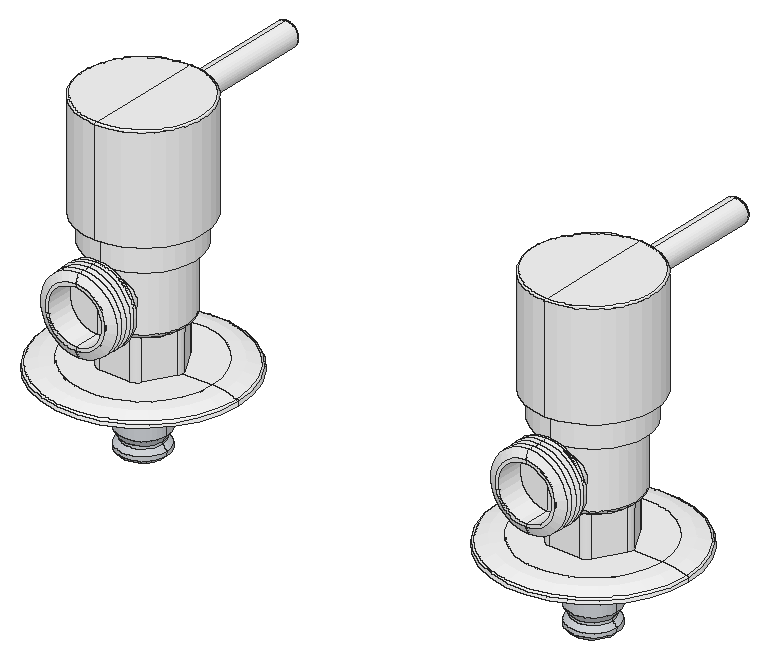
Revit family "Reece_Tap_Sussex_Scala_Washing Machine Stop", category Plumbing Fixtures, host Face, Revit 2018
Family settings
  Host = Face
  Round Connector Dimension = Use Diameter
  Part Type = Normal
  Cut with Voids When Loaded = No
  Shared = Yes
  Room Calculation Point = Yes
Parameters (values of type "Chrome")
  Waste Connection = no
  WFU = 0  # constant formula
  Vent Connection = no
  URL = "https://www.reece.com.au/product/-2261429"
  Type Comments = "Tap"
  Reece_Tap_Projection = 82 mm  # constant formula
  Reece_Tap_Handle_Length = 80 mm  # constant formula
  Reece_Tap_Outlet = 20 mm  # constant formula
  Reece_Tap_Inlet = 12.5 mm  # constant formula
  Reece_Tap_Handle_Spacing [instance] = if(Reece_Tap_Axis Distance < 35 mm, 35 mm, if(Reece_Tap_Axis Distance > 35 mm, Reece_Tap_Axis Distance, Reece_Tap_Axis Distance))  # 75 mm
  Reece_Tap_Axis Distance [instance] = 75 mm
  Reece_Product_Web Page = "https://www.reece.com.au/product/-2261429"
  Reece_Product_Type = "Tap"  # constant formula
  Reece_Product_Sub Brand = "Scala"  # constant formula
  Reece_Product_Number = "2261429"
  Reece_Product_Mount = "Wall Mounted"
  Reece_Product_Description = "Sussex Scala Washing Machine Stops Chrome"
  Reece_Product_Brand = "Sussex"  # constant formula
  Reece_Overall_Diameter = 64 mm  # constant formula
  Reece_Material_Main = Reece_Brass_Chrome
  Reece_Detail_Type = "Washing Machine Stop"  # constant formula
  Reece_Detail_Installation = ""
  Reece_Detail_Disclaimer = "THIS FILE IS THE PROPERTY OF THE REECE GROUP. IT MAY NOT BE REPRODUCED, REVERSE-ENGINEERED OR MODIFIED. ANY REPUBLICATION, TRANSMISSION OR DISTRIBUTION FOR THE PURPOSE OF COMMERCIALLY EXPLOITING THE FILES IS PROHIBITED."  # constant formula
  Reece_Detail_Connector = ""
  Model = "Scala"
  Manufacturer = "Sussex"
  Keynote = "Product #2261429, Reece_Tap_Sussex_Scala_Washing Machine Stop - Chrome"
  HWFU = 0  # constant formula
  HW Connection = no
  Disclaimer = "THIS FILE IS THE PROPERTY OF THE REECE GROUP. IT MAY NOT BE REPRODUCED, REVERSE-ENGINEERED OR MODIFIED. ANY REPUBLICATION, TRANSMISSION OR DISTRIBUTION FOR THE PURPOSE OF COMMERCIALLY EXPLOITING THE FILES IS PROHIBITED."  # constant formula
  Description = "Scala Washing Machine Stops Chrome"
  Default Elevation = 0 mm
  Cost = 0
  CWFU = 0  # constant formula
  CW Connection = no
  Assembly Code = ""
Types (3, lengths in mm): name | URL | Reece_Product_Web Page | Reece_Product_Number | Reece_Product_Description | Reece_Material_Main | Keynote | Description
  Chrome | "https://www.reece.com.au/product/-2261429" | "https://www.reece.com.au/product/-2261429" | "2261429" | "Sussex Scala Washing Machine Stops Chrome" | Reece_Brass_Chrome | "Product #2261429, Reece_Tap_Sussex_Scala_Washing Machine Stop - Chrome" | "Scala Washing Machine Stops Chrome"
  PVD Brushed Platinum Gold | "https://www.reece.com.au/product/-2268306" | "https://www.reece.com.au/product/-2268306" | "2268306" | "Sussex Scala Washing Machine Stops LUX PVD Brushed Platinum Gold" | Reece_PVD_Brushed_Platinum Gold | "Product #2268306, Reece_Tap_Sussex_Scala_Washing Machine Stop - PVD Brushed Platinum Gold" | "Scala Washing Machine Stops LUX PVD Brushed Platinum Gold"
  Satin Chrome | "https://www.reece.com.au/product/-2261665" | "https://www.reece.com.au/product/-2261665" | "2261665" | "Sussex Scala Washing Machine Stops Satin Chrome" | Reece_Brass_Satin Chrome | "Product #2261665, Reece_Tap_Sussex_Scala_Washing Machine Stop - Satin Chrome" | "Scala Washing Machine Stops Satin Chrome"
Reference planes
  plane 1 "Center (Front/Back)": y = 0
  plane 2 "Bottom": z = 0
  plane 3 "Center (Left/Right)": x = 0
  plane 4: z = 82
  plane 5: z = 3
  plane 6: x = -75
  plane 7: x = 75
  plane 8: x = -107
  plane 9: x = -43
  plane 10: y = -20
  plane 11: y = 60
Forms (mm)
  Extrusion 1, void
    sketch origin (0, 0, 0) x (1, 0, 0) y (0, 1, 0)
      loop
        circle (-75, 0) r 20.309
      loop
        circle (75, 0) r 20
    from 0 to -26.226
  Revolve 2, solid
    sketch origin (-45.429, 0, -7.825) x (1, 0, 0) y (0, 0, 1)
      loop
        line (-29.571, 7.825) -> (-40.893, 7.825) -> (-39.732, 7.013) -> (-40.669, 6.356) -> (-39.732, 5.699) -> (-40.669, 5.043) -> (-39.732, 4.386) -> (-40.669, 3.73) -> (-39.732, 3.073) -> (-40.605, 2.461) -> (-39.465, 1.663) -> (-40.669, 0.82) -> (-39.732, 0.163) -> (-40.605, -0.449) -> (-37.524, -2.607) -> (-37.524, -9.618) -> (-35.966, -11.842) -> (-35.966, -12.686) -> (-37.524, -14.243) -> (-37.524, -15.579) -> (-36.427, -16.676) -> (-29.571, -16.676) -> (-29.571, 7.825)
      axis (-29.571, 7.825) -> (-29.571, -16.676)
    angle from 0 to 360
  Revolve 3, solid
    sketch origin (84.571, 0, -7.825) x (1, 0, 0) y (0, 0, 1)
      loop
        line (-9.571, 7.825) -> (-20.893, 7.825) -> (-19.732, 7.013) -> (-20.669, 6.356) -> (-19.732, 5.699) -> (-20.669, 5.043) -> (-19.732, 4.386) -> (-20.669, 3.73) -> (-19.732, 3.073) -> (-20.605, 2.461) -> (-19.465, 1.663) -> (-20.669, 0.82) -> (-19.732, 0.163) -> (-20.605, -0.449) -> (-17.524, -2.607) -> (-17.524, -9.618) -> (-15.966, -11.842) -> (-15.966, -12.686) -> (-17.524, -14.243) -> (-17.524, -15.579) -> (-16.427, -16.676) -> (-9.571, -16.676) -> (-9.571, 7.825)
      axis (-9.571, 7.825) -> (-9.571, -16.676)
    angle from 0 to 360
Text (mm)
  text "Reece Copyright © 2018, Reece Ltd." at (-169.864, -190.533, 0), in view "Ref. Level"
  text "Reece ©" at (44.384, 258.95, 192.345), in view "Reece Preview"
Dimensions and locks
  plane 5 to plane 2 "Bottom" = 3 mm  (x3)
  "Reece_Tap_Projection": plane 4 to level
  plane 4 to plane 2 "Bottom" = 82 mm
  equal spacing: plane 6, plane 3 "Center (Left/Right)", plane 7
  "Reece_Tap_Handle_Spacing": plane 6 to plane 3 "Center (Left/Right)" to plane 7
  equal spacing: plane 8, plane 6, plane 9
  "Reece_Overall_Diameter": plane 8 to plane 9
  nested 1 to nested 1 = 40 mm
  nested 2 to nested 2 = 40 mm
  "Reece_Tap_Handle_Length": plane 11 to plane 10
  aligned and locked: plane 2 "Bottom" to host face
  aligned and locked: level to host face
  aligned and locked: nested 1 to plane 6
  aligned and locked: plane 7 to nested 2
Automatic sketch dimensions
  host sketch curve to host sketch curve = 380.785 mm
  host sketch curve to host sketch curve = 317.421 mm
  plane 1 "Center (Front/Back)" to Extrusion 1 sketch curve = 0 mm  (x2)
  Extrusion 1 sketch curve to plane 6 = 0 mm
  Extrusion 1 sketch curve to plane 7 = 0 mm
  Revolve 2 sketch curve to level = 0 mm
  plane 6 to Revolve 2 sketch curve = 0 mm  (x2)
  plane 6 to Revolve 2 sketch curve = 6.395 mm
  Revolve 2 sketch curve to Revolve 2 sketch curve = 0.46 mm
  Revolve 2 sketch curve to Revolve 2 sketch curve = 1.557 mm  (x3)
  Revolve 2 sketch curve to Revolve 2 sketch curve = 1.942 mm
  Revolve 2 sketch curve to level = 2.126 mm
  Revolve 2 sketch curve to Revolve 2 sketch curve = 0.267 mm  (x2)
  Revolve 2 sketch curve to level = 3.439 mm
  Revolve 2 sketch curve to Revolve 2 sketch curve = 0 mm  (x3)
  Revolve 2 sketch curve to level = 0.813 mm
  Revolve 2 sketch curve to level = 4.752 mm
  Revolve 2 sketch curve to Revolve 2 sketch curve = 0.874 mm  (x2)
  Revolve 2 sketch curve to level = 5.364 mm
  Revolve 2 sketch curve to level = 2.783 mm
  Revolve 2 sketch curve to Revolve 2 sketch curve = 0.938 mm  (x4)
  Revolve 2 sketch curve to level = 1.469 mm
  Revolve 2 sketch curve to level = 4.096 mm
  Revolve 2 sketch curve to Revolve 2 sketch curve = 1.161 mm
  Revolve 2 sketch curve to Revolve 2 sketch curve = 0.798 mm
  Revolve 2 sketch curve to Revolve 2 sketch curve = 0.843 mm
  Revolve 2 sketch curve to Revolve 2 sketch curve = 0.657 mm
  Revolve 2 sketch curve to Revolve 2 sketch curve = 0.612 mm
  Revolve 2 sketch curve to Revolve 2 sketch curve = 2.77 mm
  Revolve 2 sketch curve to Revolve 2 sketch curve = 7.012 mm
  Revolve 2 sketch curve to Revolve 2 sketch curve = 2.224 mm
  Revolve 2 sketch curve to Revolve 2 sketch curve = 0.844 mm
  Revolve 2 sketch curve to Revolve 2 sketch curve = 1.336 mm
  Revolve 2 sketch curve to Revolve 2 sketch curve = 1.097 mm
  Revolve 2 sketch curve to Revolve 2 sketch curve = 2.609 mm
  Revolve 2 sketch curve to level = 2.001 mm
  Revolve 3 sketch curve to level = 0 mm
  Revolve 3 sketch curve to plane 7 = 0 mm  (x2)
  Revolve 3 sketch curve to plane 7 = 6.395 mm
  Revolve 3 sketch curve to Revolve 3 sketch curve = 0.46 mm
  Revolve 3 sketch curve to Revolve 3 sketch curve = 1.557 mm  (x3)
  Revolve 3 sketch curve to Revolve 3 sketch curve = 1.942 mm
  Revolve 3 sketch curve to level = 2.126 mm
  Revolve 3 sketch curve to Revolve 3 sketch curve = 0.267 mm  (x2)
  Revolve 3 sketch curve to level = 3.439 mm
  Revolve 3 sketch curve to Revolve 3 sketch curve = 0 mm  (x3)
  Revolve 3 sketch curve to level = 0.813 mm
  Revolve 3 sketch curve to level = 4.752 mm
  Revolve 3 sketch curve to Revolve 3 sketch curve = 0.874 mm  (x2)
  Revolve 3 sketch curve to level = 5.364 mm
  Revolve 3 sketch curve to level = 2.783 mm
  Revolve 3 sketch curve to Revolve 3 sketch curve = 0.938 mm  (x4)
  Revolve 3 sketch curve to level = 1.469 mm
  Revolve 3 sketch curve to level = 4.096 mm
  Revolve 3 sketch curve to Revolve 3 sketch curve = 1.161 mm
  Revolve 3 sketch curve to Revolve 3 sketch curve = 0.798 mm
  Revolve 3 sketch curve to Revolve 3 sketch curve = 0.843 mm
  Revolve 3 sketch curve to Revolve 3 sketch curve = 0.657 mm
  Revolve 3 sketch curve to Revolve 3 sketch curve = 0.612 mm
  Revolve 3 sketch curve to Revolve 3 sketch curve = 2.77 mm
  Revolve 3 sketch curve to Revolve 3 sketch curve = 7.012 mm
  Revolve 3 sketch curve to Revolve 3 sketch curve = 2.224 mm
  Revolve 3 sketch curve to Revolve 3 sketch curve = 0.844 mm
  Revolve 3 sketch curve to Revolve 3 sketch curve = 1.336 mm
  Revolve 3 sketch curve to Revolve 3 sketch curve = 1.097 mm
  Revolve 3 sketch curve to Revolve 3 sketch curve = 2.609 mm
  Revolve 3 sketch curve to level = 2.001 mm
  radius of Extrusion 1 sketch curve = 20.309 mm
  radius of Extrusion 1 sketch curve = 20 mm
Nested families
  nested 1: "Reece_Tap_Sussex_Scala_Washing Machine Stop_Nested" at (-75, 0, 0), Reece_Material_Main <- "Reece_Material_Main", type "Reece_Tap_Sussex_Scala_Washing Machine Stop_Nested"
    with Reece_Material_Main Reece_Brass_Chrome
  nested 2: "Reece_Tap_Sussex_Scala_Washing Machine Stop_Nested" at (75, 0, 0), Reece_Material_Main <- "Reece_Material_Main", type "Reece_Tap_Sussex_Scala_Washing Machine Stop_Nested"
    with Reece_Material_Main Reece_Brass_Chrome
Connectors
  piping at (-75, -28.235, 27.617), diameter 20, driven by "Reece_Tap_Outlet"
    settings: on nested 1, index 1, connector inside diameter 609.6 mm, connector length 0 mm, flow factor 0, pipe flow 0.0 L/s, pressure drop 0.0 Pa, fitting loss kfactor 0, connector angle 0.00°, fixture units 0, engagement length 0 mm, angle of deflection 0.00°, flow configuration 0, flow direction 2, fitting loss method 0, system type 29, joint type 0, gender type 0, connector reference index -1, connector utility 0, adjustable connector no, is connector primary yes, connector description ""
  piping at (75, -28.235, 27.617), diameter 20, driven by "Reece_Tap_Outlet"
    settings: on nested 2, index 2, connector inside diameter 609.6 mm, connector length 0 mm, flow factor 0, pipe flow 0.0 L/s, pressure drop 0.0 Pa, fitting loss kfactor 0, connector angle 0.00°, fixture units 0, engagement length 0 mm, angle of deflection 0.00°, flow configuration 0, flow direction 2, fitting loss method 0, system type 29, joint type 0, gender type 0, connector reference index -1, connector utility 0, adjustable connector no, is connector primary no, connector description ""
  piping at (75, 0, -24.501), diameter 12.5, driven by "Reece_Tap_Inlet"
    settings: on Revolve 3, index 3, connector inside diameter 609.6 mm, connector length 0 mm, flow factor 0, pipe flow 0.0 L/s, pressure drop 0.0 Pa, fitting loss kfactor 0, connector angle 0.00°, fixture units 0, engagement length 0 mm, angle of deflection 0.00°, flow configuration 0, flow direction 1, fitting loss method 0, system type 29, joint type 0, gender type 0, connector reference index -1, connector utility 0, adjustable connector no, is connector primary no, connector description ""
  piping at (-75, 0, -24.501), diameter 12.5, driven by "Reece_Tap_Inlet"
    settings: on Revolve 2, index 4, connector inside diameter 609.6 mm, connector length 0 mm, flow factor 0, pipe flow 0.0 L/s, pressure drop 0.0 Pa, fitting loss kfactor 0, connector angle 0.00°, fixture units 0, engagement length 0 mm, angle of deflection 0.00°, flow configuration 0, flow direction 1, fitting loss method 0, system type 29, joint type 0, gender type 0, connector reference index -1, connector utility 0, adjustable connector no, is connector primary no, connector description ""
Definition of nested family "Reece_Tap_Sussex_Scala_Washing Machine Stop_Nested"
  Parameters (values of type "Reece_Tap_Sussex_Scala_Washing Machine Stop_Nested")
    Waste Connection = no
    WFU = 0
    Vent Connection = no
    URL = ""
    Type Comments = ""
    Reece_Material_Main [instance] = none
    Model = ""
    Manufacturer = ""
    Keynote = ""
    HWFU = 0
    HW Connection = no
    Description = ""
    Default Elevation = 0 mm
    Cost = 0
    CWFU = 0
    CW Connection = no
    Assembly Code = ""
  Reference planes
    plane 1 "Center (Front/Back)": y = 0
    plane 2 "Bottom": z = 0
    plane 3 "Center (Left/Right)": x = 0
    plane 4: y = -32
    plane 5: y = 32
    plane 6: y = -20
    plane 7: y = 20
    plane 8: z = 73.5
    plane 9: y = 60
    plane 10: z = 82
    plane 11: z = 3
    plane 12: x = -20
    plane 13: x = 20
    plane 14: x = -32
    plane 15: x = 32
    plane 16: x = 13.153
  Forms (mm)
    Extrusion 1, solid
      sketch origin (619.2, -619.2, 0) x (1, 0, 0) y (0, 1, 0)
        loop
          line (-809.2, 779.2) -> (-809.2, 461.779) -> (-428.415, 461.779) -> (-428.415, 779.2) -> (-809.2, 779.2)
      from 0 to -9.564
    Revolve 2, solid, material <- "Reece_Material_Main"
      sketch origin (0, 0, 0) x (0, 1, 0) y (0, 0, 1)
        loop
          line (0, 82) -> (-19.5, 82)
          arc (-19.5, 82) -> (-19.854, 81.854) -> (-20, 81.5) r 0.5
          line (-20, 81.5) -> (-20, 47) -> (-17.485, 47) -> (-17.485, 38.242) -> (-14.473, 38.242) -> (-14.473, 17.953)
          arc (-14.473, 17.953) -> (-14.313, 17.525) -> (-13.912, 17.306) r 0.653
          arc (-13.912, 17.306) -> (-13.387, 17.032) -> (-13.153, 16.488) r 0.884
          line (-13.153, 16.488) -> (0, 16.488) -> (0, 82)
        axis (0, 82) -> (0, 16.488)
      angle from 0 to 360
    Revolve 3, solid, material <- "Reece_Material_Main"
      sketch origin (0, 0, 0) x (0, -1, 0) y (0, 0, -1)
        loop
          line (0, -73.5) -> (-60, -73.5) -> (-60, -77)
          arc (-60, -77) -> (-59.854, -77.354) -> (-59.5, -77.5) r 0.5
          line (-59.5, -77.5) -> (0, -77.5) -> (0, -73.5)
        axis (0, -73.5) -> (-60, -73.5)
      angle from 0 to 360
    Revolve 4, solid, material <- "Reece_Material_Main"
      sketch origin (0, 0, 0) x (0, 1, 0) y (0, 0, 1)
        loop
          line (0, 35.35) -> (-18.235, 35.35)
          arc (-18.235, 35.35) -> (-18.49, 37.904) -> (-18.925, 40.433) r 36.076
          line (-18.925, 40.433) -> (-19.722, 40.433) -> (-20.542, 38.87) -> (-21.389, 40.485) -> (-22.198, 38.518) -> (-23.204, 40.369) -> (-24.122, 38.72) -> (-25.018, 40.369) -> (-25.967, 38.663) -> (-26.851, 40.294) -> (-28.235, 37.628) -> (-28.235, 36.564) -> (-19.435, 36.564) -> (-19.435, 27.617) -> (0, 27.617) -> (0, 35.35)
        axis (0, 27.617) -> (-28.235, 27.617)
      angle from 0 to 360
    Revolve 5, solid, material <- "Reece_Material_Main"
      sketch origin (0, 0, 0) x (1, 0, 0) y (0, 0, 1)
        loop
          line (0, 0) -> (32, 0) -> (31.714, 0.999)
          arc (31.714, 0.999) -> (31.505, 1.367) -> (31.151, 1.6) r 0.904
          arc (31.151, 1.6) -> (27.204, 2.647) -> (23.135, 3) r 23.65
          line (23.135, 3) -> (0, 3) -> (0, 0)
        axis (0, 0) -> (0, 3)
      angle from 0 to 360
    Extrusion 6, solid, material <- "Reece_Material_Main"
      sketch origin (0, 0, 0) x (0, -1, 0) y (1, 0, 0)
        loop
          line (11.806, -5.026) -> (11.806, 5.026)
          arc (11.806, 5.026) -> (11.391, 6.576) -> (10.256, 7.711) r 3.1
          line (10.256, 7.711) -> (1.55, 12.738)
          arc (1.55, 12.738) -> (0, 13.153) -> (-1.55, 12.738) r 3.1
          line (-1.55, 12.738) -> (-10.256, 7.711)
          arc (-10.256, 7.711) -> (-11.391, 6.576) -> (-11.806, 5.026) r 3.1
          line (-11.806, 5.026) -> (-11.806, -5.026)
          arc (-11.806, -5.026) -> (-11.391, -6.576) -> (-10.256, -7.711) r 3.1
          line (-10.256, -7.711) -> (-1.55, -12.738)
          arc (-1.55, -12.738) -> (0, -13.153) -> (1.55, -12.738) r 3.1
          line (1.55, -12.738) -> (10.256, -7.711)
          arc (10.256, -7.711) -> (11.391, -6.576) -> (11.806, -5.026) r 3.1
      from 3 to 16.488
  Cuts and joins
    joined: Revolve 5, Extrusion 6
    joined: Revolve 2, Revolve 3, Revolve 4
  Text (mm)
    text "Reece Copyright © 2018, Reece Ltd." at (-169.864, -190.533, 0), in view "Ref. Level"
    text "Reece ©" at (44.384, 258.95, 192.345), in view "Reece Preview"
  Dimensions and locks
    locked: plane 10 to plane 8 at 8.5
    plane 11 to plane 2 "Bottom" = 3 mm  (x3)
    plane 10 to plane 2 "Bottom" = 82 mm  (x2)
    plane 9 to plane 6 = 80 mm
    plane 12 to plane 13 = 40 mm
    plane 10 to level = 82 mm
    plane 5 to plane 4 = 64 mm  (x2)
    equal spacing: plane 5, plane 1 "Center (Front/Back)", plane 4
    plane 7 to plane 6 = 40 mm
    plane 6 to plane 9 = 80 mm
    plane 13 to plane 12 = 40 mm
    plane 4 to plane 5 = 64 mm
    plane 15 to plane 14 = 64 mm
    aligned and locked: plane 2 "Bottom" to Extrusion 1
    aligned and locked: level to Extrusion 1
    aligned and locked: Revolve 2 sketch curve to plane 10
  Automatic sketch dimensions
    Extrusion 1 sketch curve to Extrusion 1 sketch curve = 380.785 mm
    Extrusion 1 sketch curve to Extrusion 1 sketch curve = 317.421 mm
    plane 8 to Revolve 3 sketch curve = 0 mm
    Revolve 3 sketch curve to plane 9 = 0 mm
    Revolve 3 sketch curve to plane 8 = 0 mm
    Revolve 3 sketch curve to plane 1 "Center (Front/Back)" = 0 mm
    plane 9 to Revolve 3 sketch curve = 0.5 mm
    plane 8 to Revolve 3 sketch curve = 3.5 mm
    Revolve 3 sketch curve to plane 1 "Center (Front/Back)" = 5 mm
    Revolve 3 sketch curve to Revolve 3 sketch curve = 5 mm
    Revolve 4 sketch curve to plane 1 "Center (Front/Back)" = 0 mm
    Revolve 4 sketch curve to plane 6 = 1.765 mm
    Revolve 4 sketch curve to plane 6 = 1.075 mm
    Revolve 4 sketch curve to plane 6 = 0.565 mm
    Revolve 4 sketch curve to plane 6 = 0.278 mm
    plane 6 to Revolve 4 sketch curve = 0.542 mm
    plane 6 to Revolve 4 sketch curve = 1.389 mm
    Revolve 4 sketch curve to Revolve 4 sketch curve = 1.656 mm
    Revolve 4 sketch curve to Revolve 4 sketch curve = 1.814 mm  (x2)
    Revolve 4 sketch curve to Revolve 4 sketch curve = 0.918 mm
    Revolve 4 sketch curve to Revolve 4 sketch curve = 1.845 mm
    Revolve 4 sketch curve to Revolve 4 sketch curve = 1.833 mm
    Revolve 4 sketch curve to Revolve 4 sketch curve = 2.268 mm
    Revolve 4 sketch curve to plane 4 = 22.238 mm
    plane 11 to Revolve 4 sketch curve = 24.617 mm
    plane 11 to Revolve 4 sketch curve = 30.052 mm
    Revolve 4 sketch curve to Revolve 4 sketch curve = 7.733 mm
    Revolve 4 sketch curve to Revolve 4 sketch curve = 1.214 mm
    Revolve 4 sketch curve to Revolve 4 sketch curve = 1.064 mm
    Revolve 4 sketch curve to Revolve 4 sketch curve = 1.916 mm
    Revolve 4 sketch curve to Revolve 4 sketch curve = 1.035 mm
    Revolve 4 sketch curve to Revolve 4 sketch curve = 0.056 mm
    Revolve 4 sketch curve to Revolve 4 sketch curve = 0.352 mm
    Revolve 4 sketch curve to Revolve 4 sketch curve = 1.631 mm
    Revolve 4 sketch curve to Revolve 4 sketch curve = 1.65 mm
    Revolve 4 sketch curve to Revolve 4 sketch curve = 0 mm
    Revolve 4 sketch curve to Revolve 4 sketch curve = 0.052 mm
    Revolve 4 sketch curve to Revolve 4 sketch curve = 9.238 mm
    Revolve 4 sketch curve to Revolve 4 sketch curve = 5.435 mm
    Revolve 5 sketch curve to plane 3 "Center (Left/Right)" = 0 mm  (x2)
    Revolve 5 sketch curve to level = 0 mm
    Revolve 5 sketch curve to plane 15 = 0 mm
    Revolve 5 sketch curve to plane 11 = 0 mm
    plane 13 to Revolve 5 sketch curve = 3.135 mm
    Revolve 5 sketch curve to plane 15 = 1.156 mm
    Revolve 5 sketch curve to plane 15 = 0.286 mm
    Revolve 5 sketch curve to level = 20.65 mm
    level to Revolve 5 sketch curve = 0.749 mm
    Revolve 5 sketch curve to Revolve 5 sketch curve = 0.602 mm
    Revolve 5 sketch curve to level = 7.015 mm
    Revolve 5 sketch curve to Revolve 5 sketch curve = 24.985 mm
    Revolve 2 sketch curve to plane 6 = 0 mm
    Revolve 2 sketch curve to plane 1 "Center (Front/Back)" = 0 mm  (x2)
    Revolve 2 sketch curve to Revolve 2 sketch curve = 0.5 mm
    Revolve 2 sketch curve to Revolve 2 sketch curve = 2.515 mm
    Revolve 2 sketch curve to Revolve 2 sketch curve = 3.012 mm
    Revolve 2 sketch curve to Revolve 2 sketch curve = 0.438 mm
    Revolve 2 sketch curve to Revolve 2 sketch curve = 0.653 mm
    Revolve 2 sketch curve to Revolve 2 sketch curve = 0.882 mm
    Revolve 2 sketch curve to plane 8 = 26.5 mm
    Revolve 2 sketch curve to Revolve 2 sketch curve = 8.758 mm
    plane 11 to Revolve 2 sketch curve = 14.953 mm
    plane 11 to Revolve 2 sketch curve = 13.488 mm
    Revolve 2 sketch curve to Revolve 2 sketch curve = 0.057 mm
    Revolve 2 sketch curve to Revolve 2 sketch curve = 3.488 mm
    Revolve 2 sketch curve to level = 20 mm
    plane 1 "Center (Front/Back)" to Revolve 4 sketch curve = 0 mm
    plane 1 "Center (Front/Back)" to Extrusion 6 sketch curve = 0 mm  (x2)
    Extrusion 6 sketch curve to plane 1 "Center (Front/Back)" = 1.55 mm  (x2)
    plane 16 to Extrusion 6 sketch curve = 0.415 mm  (x2)
    Extrusion 6 sketch curve to plane 1 "Center (Front/Back)" = 8.706 mm  (x2)
    Extrusion 6 sketch curve to Extrusion 6 sketch curve = 1.55 mm  (x5)
    plane 16 to Extrusion 6 sketch curve = 5.442 mm  (x2)
    plane 1 "Center (Front/Back)" to Extrusion 6 sketch curve = 1.55 mm
    plane 1 "Center (Front/Back)" to Extrusion 6 sketch curve = 8.706 mm  (x2)
    Extrusion 6 sketch curve to Extrusion 6 sketch curve = 3.1 mm
    Extrusion 6 sketch curve to plane 3 "Center (Left/Right)" = 5.026 mm  (x2)
    Extrusion 6 sketch curve to plane 12 = 9.947 mm
    Extrusion 6 sketch curve to Extrusion 6 sketch curve = 2.685 mm
    plane 16 to Extrusion 6 sketch curve = 3.1 mm
